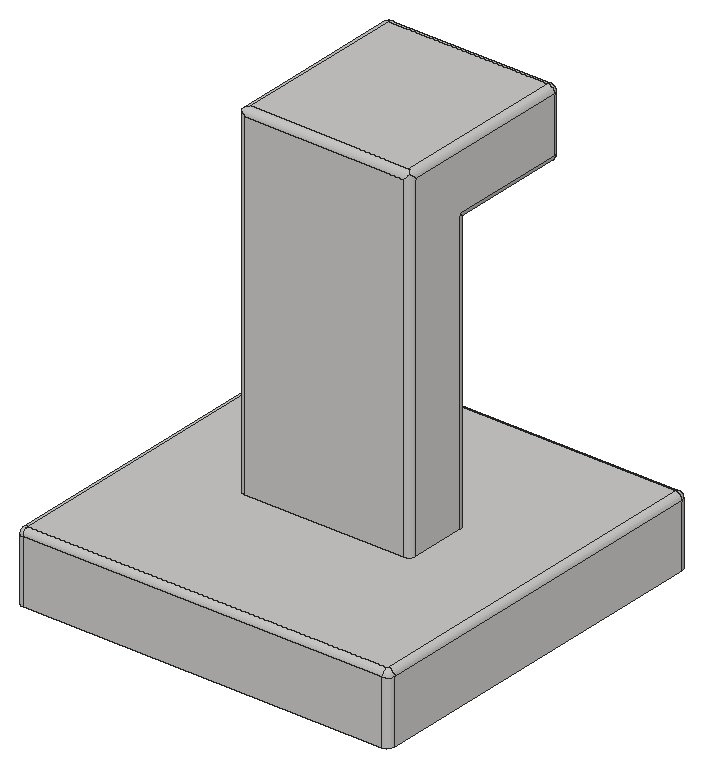
Revit family "PRD_FrankeWS_ClthsHks_CUBUSRobeHook_CUBX010HP", category Specialty Equipment, host Face, Revit 2018
Family settings
  Host = Face
  Round Connector Dimension = Use Diameter
  Part Type = Normal
  OmniClass Number = 23.40.20.21.31
  OmniClass Title = Robe Hooks
  Cut with Voids When Loaded = No
  Shared = No
  Room Calculation Point = No
Parameters (values of type "CUBX010HP")
  WarrantyStartDate [instance] = "1900-12-31T23:59:59"
  WarrantyGuarantorParts = "n/a"
  WarrantyGuarantorLabor = "n/a"
  WarrantyDurationUnit = "year"
  WarrantyDurationParts = "n/a"
  WarrantyDurationLabor = "n/a"
  WarrantyDescription = "n/a"
  Version = "1"
  Uniclass2015Version = "Products v1.17"
  Uniclass2015Title = "Clothes hooks"
  Uniclass2015Code = "Pr_40_30_78_15"
  URL = "www.kwc.com"
  TypeOfMounting = "Wall mounting"
  TypeOfFixing = "Screw"
  TagNumber [instance] = "n/a"
  SustainabilityPerformance = "n/a"
  Style = "Hook"
  Size = "54 x 54 x 60 mm"
  Shape = "n/a"
  SerialNumber [instance] = "n/a"
  Revision = "n/a"
  ReplacementCost = "n/a"
  ProductInformation = "https://pim.kwc.com/product/2000106359/attachment/datasheet?locale=en"
  NumberOfHooks = "1"
  NominalWidth = 54.00 mm
  NominalHeight = 54.00 mm
  NominalDepth = 60.00 mm
  NetWeight = 0.15 kg
  Name = "Robe hook CUBX010HP"
  NBSTypeID = "n/a"
  NBSReference = "45-35-72/322"
  NBSOfficeMasterTag = "n/a"
  NBSNote = "n/a"
  NBSDescription = "Clothes hooks"
  NBSCertification = "n/a"
  ModelReference = "CUBX010HP"
  ModelNumber = "2000106359"
  Model = ModelReference  # "CUBX010HP"
  MaterialCode = "1.4301"
  Material = "stainless steel"
  ManufacturerURL = "www.kwc.com"
  ManufacturerName = "KWC Group AG"  # constant formula
  Manufacturer = ManufacturerName  # "KWC Group AG"
  MainColor = "stainless steel"
  IsBuiltIn = "TRUE"
  IntegralAccessories = "incl. stainless steel screws and dowels"
  InstallationDate [instance] = "1900-12-31T23:59:59"
  IfcExportType = "USERDEFINED"
  IfcExportAs = "IfcFurnitureType"
  HookMaterial = PRD_AR_StainlessSteel_HighPolished
  GrossWeight = 0.18 kg
  Grade = "n/a"
  Finish = "high polished"
  Features = "stainless steel, high polished"
  ExpectedLife = "n/a"
  DurationUnit = "year"
  Description = "Single robe hook for wall mounting, 304 stainless steel, square covers with drilled hole on bottom for fixation, inclusive stainless steel screws and dowels."
  Default Elevation = 1600.00 mm
  CreateOn = "05/2020"  # constant formula
  Constituents = "n/a"
  Color = "n/a"
  CodePerformance = "n/a"
  Category = "Pr_40_30_78_15, Clothes hooks"
  BarCode [instance] = "n/a"
  BIMObjectName = "PRD_AR_ClothesHooks_CUBUSRobeHook_CUBX010HP"
  Author = "Archispace"  # constant formula
  AssetType = "Fixed"
  AssetIdentifier [instance] = "n/a"
  AccessibilityPerformance = "n/a"
Reference planes
  plane 1 "Center (Front/Back)": y = 0
  plane 2: z = 0
  plane 3 "Center (Left/Right)": x = 0
  plane 4: y = 27
  plane 5: y = -27
Forms (mm)
  Extrusion 1, solid, material "PRD_AR_StainlessSteel_HighPolished" <- "HookMaterial", detail levels fine
    sketch origin (273, 0, 0) x (1, 0, 0) y (0, 1, 0)
      loop
        line (-300, 26) -> (-300, -26)
        arc (-300, -26) -> (-299.707, -26.707) -> (-299, -27) r 1
        line (-299, -27) -> (-247, -27)
        arc (-247, -27) -> (-246.293, -26.707) -> (-246, -26) r 1
        line (-246, -26) -> (-246, 26)
        arc (-246, 26) -> (-246.293, 26.707) -> (-247, 27) r 1
        line (-247, 27) -> (-299, 27)
        arc (-299, 27) -> (-299.707, 26.707) -> (-300, 26) r 1
    from 0 to 10
  Sweep 2, void
    path in 3D
      loop
        arc (-27, -26, 10) -> (-26.707, -26.707, 10) -> (-26, -27, 10) r 1
        line (-26, -27, 10) -> (26, -27, 10)
        arc (26, -27, 10) -> (26.707, -26.707, 10) -> (27, -26, 10) r 1
        line (27, -26, 10) -> (27, 26, 10)
        arc (27, 26, 10) -> (26.707, 26.707, 10) -> (26, 27, 10) r 1
        line (26, 27, 10) -> (-26, 27, 10)
        arc (-26, 27, 10) -> (-26.707, 26.707, 10) -> (-27, 26, 10) r 1
        line (-27, 26, 10) -> (-27, -26, 10)
    profile origin (-27, 0, 10) x (1, 0, 0) y (0, 0, 1)
      loop
        line (0, 0) -> (0, -0.9)
        arc (0, -0.9) -> (0.264, -0.264) -> (0.9, 0) r 0.9
        line (0.9, 0) -> (0, 0)
  Extrusion 3, void
    sketch origin (-4.5, 277.5, 30) x (0, 1, 0) y (0, 0, 1)
      loop
        line (-282.5, 30) -> (-282.5, 29)
        arc (-282.5, 29) -> (-282.207, 29.707) -> (-281.5, 30) r 1
        line (-281.5, 30) -> (-282.5, 30)
    from -8.678 to 18.262
  Sweep 4, void
    path in 3D
      loop
        arc (11.5, 22, 60) -> (12.207, 22, 59.707) -> (12.5, 22, 59) r 1
        line (12.5, 22, 59) -> (12.5, 22, 51)
        arc (12.5, 22, 51) -> (12.207, 22, 50.293) -> (11.5, 22, 50) r 1
        line (11.5, 22, 50) -> (-11.5, 22, 50)
        arc (-11.5, 22, 50) -> (-12.207, 22, 50.293) -> (-12.5, 22, 51) r 1
        line (-12.5, 22, 51) -> (-12.5, 22, 59)
        arc (-12.5, 22, 59) -> (-12.207, 22, 59.707) -> (-11.5, 22, 60) r 1
        line (-11.5, 22, 60) -> (11.5, 22, 60)
    profile origin (0, 22, 60) x (0, 1, 0) y (0, 0, 1)
      loop
        line (0, 0) -> (-0.9, 0)
        arc (-0.9, 0) -> (-0.264, -0.264) -> (0, -0.9) r 0.9
        line (0, -0.9) -> (0, 0)
  Extrusion 5, solid, material "PRD_AR_StainlessSteel_HighPolished" <- "HookMaterial", detail levels medium
    sketch origin (273, 0, 0) x (1, 0, 0) y (0, 1, 0)
      loop
        line (-300, 27) -> (-300, -27) -> (-246, -27) -> (-246, 27) -> (-300, 27)
    from 0 to 10
  Extrusion 6, solid, material "PRD_AR_StainlessSteel_HighPolished" <- "HookMaterial", detail levels coarse
    sketch origin (340, 0, 0) x (1, 0, 0) y (0, 1, 0)
      loop
        line (-367, 27) -> (-367, -27) -> (-313, -27) -> (-313, 27) -> (-367, 27)
    from 0 to 60
  Sweep 7, solid, material "PRD_AR_StainlessSteel_HighPolished" <- "HookMaterial", detail levels fine
    path origin (0, 0, 0) x (0, 1, 0) y (0, 0, 1)
      loop
        line (22, 55) -> (0, 55) -> (0, 10)
    profile origin (0, 11, 55) x (0, 0, -1) y (1, 0, 0)
      loop
        line (5, -11.5) -> (5, 11.5)
        arc (5, 11.5) -> (4.707, 12.207) -> (4, 12.5) r 1
        line (4, 12.5) -> (-4, 12.5)
        arc (-4, 12.5) -> (-4.707, 12.207) -> (-5, 11.5) r 1
        line (-5, 11.5) -> (-5, -11.5)
        arc (-5, -11.5) -> (-4.707, -12.207) -> (-4, -12.5) r 1
        line (-4, -12.5) -> (4, -12.5)
        arc (4, -12.5) -> (4.707, -12.207) -> (5, -11.5) r 1
  Sweep 8, solid, material "PRD_AR_StainlessSteel_HighPolished" <- "HookMaterial", detail levels medium
    path origin (0, 0, 0) x (0, 1, 0) y (0, 0, 1)
      loop
        line (22, 55) -> (0, 55) -> (0, 10)
    profile origin (0, 11, 55) x (0, 0, -1) y (1, 0, 0)
      loop
        line (5, -12.5) -> (5, 12.5) -> (-5, 12.5) -> (-5, -12.5) -> (5, -12.5)
Cuts and joins
  Sweep 2 cuts Extrusion 1
  Extrusion 3, Sweep 4 cuts Sweep 7
Lines and regions (mm)
  sketch lines
    curve 1: line (-27, 26, 10) -> (-27, -26, 10)
    curve 2: arc (-27, 26, 10) -> (-26.707, 26.707, 10) -> (-26, 27, 10) r 1
    curve 3: line (26, 27, 10) -> (-26, 27, 10)
    curve 4: arc (26, 27, 10) -> (26.707, 26.707, 10) -> (27, 26, 10) r 1
    curve 5: line (27, -26, 10) -> (27, 26, 10)
    curve 6: arc (-26, -27, 10) -> (-26.707, -26.707, 10) -> (-27, -26, 10) r 1
    curve 7: line (-26, -27, 10) -> (26, -27, 10)
    curve 8: arc (27, -26, 10) -> (26.707, -26.707, 10) -> (26, -27, 10) r 1
    curve 9: line (-11.5, 22, 60) -> (11.5, 22, 60)
    curve 10: arc (12.5, 22, 59) -> (12.207, 22, 59.707) -> (11.5, 22, 60) r 1
    curve 11: line (12.5, 22, 59) -> (12.5, 22, 51)
    curve 12: arc (11.5, 22, 50) -> (12.207, 22, 50.293) -> (12.5, 22, 51) r 1
    curve 13: line (11.5, 22, 50) -> (-11.5, 22, 50)
    curve 14: arc (-12.5, 22, 51) -> (-12.207, 22, 50.293) -> (-11.5, 22, 50) r 1
    curve 15: line (-12.5, 22, 51) -> (-12.5, 22, 59)
    curve 16: arc (-11.5, 22, 60) -> (-12.207, 22, 59.707) -> (-12.5, 22, 59) r 1
Dimensions and locks
  plane 1 "Center (Front/Back)" to plane 5 = 27.00 mm
  plane 1 "Center (Front/Back)" to plane 4 = 27.00 mm
  aligned and locked: plane 2 to host face
  aligned and locked: level to host face
